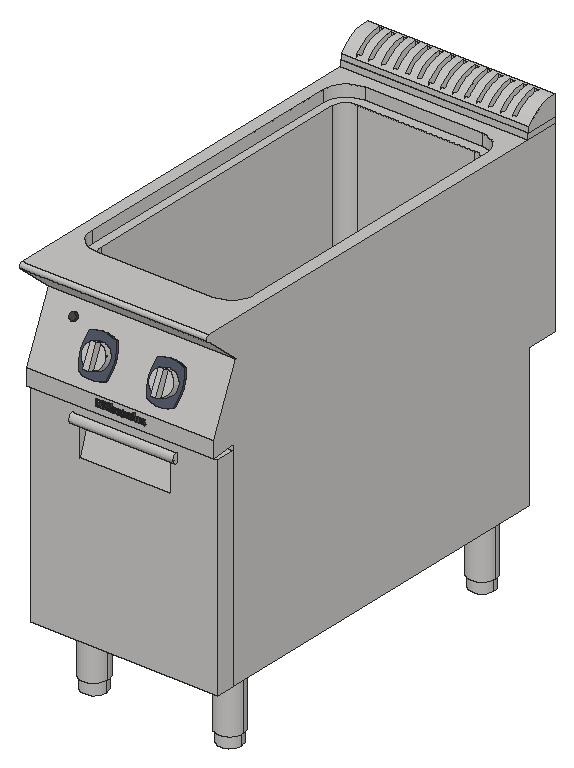
Revit family "QF_ELECTROLUXPROFESSIONAL_391624_E9OOCTBAMCI", category Attrezzature speciali, Revit 2018
Family settings
  Quota connettore circolare = Usa diametro
  Tipo di parte = Normale
  Basato su piano di lavoro = No
  Sempre verticale = Sì
  Taglio con vuoti quando caricato = No
  Condiviso = No
  Punto di calcolo locali = No
Parameters (values of type "Standard")
  Weight = 62.00 kg
  Watts = 0 W
  Volts = 0 V
  URL Manufacturer = "https://www.electroluxprofessional.com/"
  URL = "https://www.electroluxprofessional.com/"
  Steam Supply Size = 0"
  Steam Supply Minimum Pressure = 0.00 psi
  Steam Supply Maximum Pressure = 0.00 psi
  Steam Consumption per Hour = 0
  Show Logo [instance] = yes
  Show Clearance [instance] = yes
  Refrigeration Suction Line Size = 0 mm
  Refrigeration Liquid Line Size = 0 mm
  Refrigerant Compressor Remote = yes
  Phase = 0
  Modello = "E9OOCTBAMCI"
  Produttore = "Electrolux Professional"
  Length Actual = 400 mm  # constant formula
  Item Number = "391624"
  Hot Water Size = 0"
  Height Actual = 850 mm  # constant formula
  HP = "0 HP"
  Gas Size = 1/2"
  Gas KW = 16.5
  Gas Input Pressure = 0.551577 Btu/h
  Direct Waste Size = 1"
  Descrizione = "GAS PASTA COOKER 1X40 LT WELL - QMARK"
  Depth Actual = 930 mm  # constant formula
  Cycle = 0 Hz
  Condensate Return Size = 0"
  Compressed Air Volume = 0 GPM
  Compressed Air Size = 0"
  Compressed Air Pressure = 0.00 psi
  Cold Water Size = 3/4"
  Base Height [instance] = 150 mm  # constant formula
  Accessory = yes
Values of the unnamed type that differ from the named types
  Weight = 0.00 kg
  URL Manufacturer = ""
  Item Number = ""
  HP = ""
  Gas KW = 0
  Gas Input Pressure = 0.0 Btu/h
Reference planes
  plane 1 "BACK": y = 0
  plane 2: z = 0
  plane 3 "LEFT": x = 0
  plane 4 "RIGHT": x = 400
  plane 5 "FRONT": y = -930
  plane 6 "TOP": z = 908
  plane 7 "Center Y": x = 200
  plane 8 "Center X": y = -465
  plane 9 "BASE": z = 601.763
  plane 10 "TOP A": z = 851
  plane 11: z = 150
  plane 12: y = -126
  plane 13: y = -800
  plane 14: y = -1273
  plane 15: x = 345
  plane 16: x = 55
  plane 17: y = -1273
  plane 18: x = 65
  plane 19: x = 232
  plane 20: x = 334.782
Forms (mm)
  Extrusion 1, solid, material "QF_Finishes_Stainless Steel"
    sketch origin (0, 0, 0) x (0, 1, 0) y (0, 0, 1)
      loop
        line (0, 851) -> (-923.65, 851)
        arc (-923.65, 851) -> (-929.517, 847.08) -> (-928.14, 840.16) r 6.35
        line (-928.14, 840.16) -> (-852.034, 773.495) -> (-912.145, 642.892) -> (-912.145, 608.853) -> (-858.773, 614.463) -> (-858.773, 150) -> (-70, 150) -> (-70, 451.763) -> (0, 451.763) -> (0, 851)
      loop
        line (-900, 601.763) -> (-900, 150) -> (-860.361, 150) -> (-860.361, 601.763) -> (-900, 601.763)
    from 0 to 400
  Extrusion 2, void
    sketch origin (0, 0, 851) x (-1, 0, 0) y (0, -1, 0)
      loop
        arc (-75, 101.89) -> (-39.645, 116.535) -> (-25, 151.89) r 50
        line (-25, 151.89) -> (-25, 770)
        arc (-25, 770) -> (-39.645, 805.355) -> (-75, 820) r 50
        line (-75, 820) -> (-325, 820)
        arc (-325, 820) -> (-360.355, 805.355) -> (-375, 770) r 50
        line (-375, 770) -> (-375, 151.89)
        arc (-375, 151.89) -> (-360.355, 116.535) -> (-325, 101.89) r 50
        line (-325, 101.89) -> (-75, 101.89)
    from 0 to -25
  Extrusion 3, solid, material "QF_Clearances", visible <- "Show Clearance", detail levels coarse
    sketch origin (0, 0, 0) x (1, 0, 0) y (0, 1, 0)
      loop
        line (0, -930) -> (0, 0) -> (400, 0) -> (400, -930) -> (550.019, -930) -> (550.019, 150.019) -> (-150.019, 150.019) -> (-150.019, -930) -> (0, -930)
    from 0 to 908
  Revolve 4, solid, material "QF_Finishes_Stainless Steel"
    sketch origin (0, -126, 608.09) x (0, 0, 1) y (-1, 0, 0)
      loop
        line (-608.09, -55) -> (-458.09, -55) -> (-458.09, -26) -> (-583.09, -26) -> (-583.09, -28.75) -> (-608.09, -28.75) -> (-608.09, -55)
      axis (-608.09, -55) -> (-458.09, -55)
    angle from 0 to 360
  Revolve 5, solid, material "QF_Finishes_Stainless Steel"
    sketch origin (400.05, -126, 608.09) x (0, 0, 1) y (-1, 0, 0)
      loop
        line (-608.09, 55.05) -> (-608.09, 29.8) -> (-583.09, 29.8) -> (-583.09, 26.05) -> (-458.09, 26.05) -> (-458.09, 55.05) -> (-608.09, 55.05)
      axis (-608.09, 55.05) -> (-458.09, 55.05)
    angle from 0 to 360
  Extrusion 6, solid, material "QF_Door-Drawer Clearances", visible <- "Show Clearance", detail levels coarse
    sketch origin (0, 0, 851) x (-1, 0, 0) y (0, -1, 0)
      loop
        line (-400, 1273) -> (-400, 900) -> (-0.912, 900)
        arc (-0.912, 900) -> (-126.87, 1165.233) -> (-400, 1273) r 400
    from -701 to -249.237
  Revolve 7, solid, material "QF_Finishes_Stainless Steel"
    sketch origin (400.05, -800, 608.09) x (0, 0, 1) y (-1, 0, 0)
      loop
        line (-608.09, 55.05) -> (-608.09, 29.8) -> (-583.09, 29.8) -> (-583.09, 26.05) -> (-458.09, 26.05) -> (-458.09, 55.05) -> (-608.09, 55.05)
      axis (-608.09, 55.05) -> (-458.09, 55.05)
    angle from 0 to 360
  Extrusion 8, solid, material "QF_Finishes_Stainless Steel"
    sketch origin (200, 0, 0) x (0, 1, 0) y (0, 0, 1)
      loop
        line (-71.89, 863.9) -> (-71.89, 851) -> (0, 851) -> (0, 863.9) -> (-71.89, 863.9)
    from -200 to 200
  Extrusion 9, void
    sketch origin (200, -12.863, 0) x (0, 1, 0) y (0, 0, 1)
      loop
        line (-887.138, 564.263) -> (-887.138, 500.55) -> (-863.948, 564.263) -> (-887.138, 564.263)
    from -96.424 to 99.144
  Extrusion 10, solid, material "QF_Finishes_Stainless Steel"
    sketch origin (200, -12.863, 22.5) x (0, 1, 0) y (0, 0, 1)
      loop
        line (-887.137, 541.763) -> (-887.137, 561.763)
        arc (-887.137, 561.763) -> (-897.137, 551.763) -> (-887.137, 541.763) r 10
    from -110.529 to 112.106
  Revolve 11, solid, material "QF_Finishes_Stainless Steel"
    sketch origin (0, -800, 608.09) x (0, 0, 1) y (1, 0, 0)
      loop
        line (-608.09, 55) -> (-608.09, 28.75) -> (-583.09, 28.75) -> (-583.09, 26) -> (-458.09, 26) -> (-458.09, 55) -> (-608.09, 55)
      axis (-608.09, 55) -> (-458.09, 55)
    angle from 0 to 360
  Extrusion 12, solid, material "QF_Finishes_Stainless Steel"
    sketch origin (0, 0, 574.263) x (0, 1, 0) y (0, 0, 1)
      loop
        line (0, 289.638) -> (0, 333.737)
        arc (0, 333.737) -> (-39.336, 326.03) -> (-69.85, 300.038) r 79.141
        line (-69.85, 300.038) -> (-69.85, 289.638) -> (0, 289.638)
    from 0 to 400
  Extrusion 13, void
    sketch origin (0, 0, 848.9) x (0, -1, 0) y (1, 0, 0)
      loop
        line (6.761, 28.703) -> (63.911, 28.703) -> (63.911, 37.999) -> (6.761, 37.999) -> (6.761, 28.703)
      loop
        line (63.911, 63.487) -> (6.761, 63.487) -> (6.761, 54.191) -> (63.911, 54.191) -> (63.911, 63.487)
      loop
        line (63.911, 89.975) -> (6.761, 89.975) -> (6.761, 80.68) -> (63.911, 80.68) -> (63.911, 89.975)
      loop
        line (63.911, 115.464) -> (6.761, 115.464) -> (6.761, 106.168) -> (63.911, 106.168) -> (63.911, 115.464)
      loop
        line (63.911, 140.952) -> (6.761, 140.952) -> (6.761, 131.656) -> (63.911, 131.656) -> (63.911, 140.952)
      loop
        line (63.911, 166.44) -> (6.761, 166.44) -> (6.761, 157.145) -> (63.911, 157.145) -> (63.911, 166.44)
      loop
        line (63.911, 191.929) -> (6.761, 191.929) -> (6.761, 182.633) -> (63.911, 182.633) -> (63.911, 191.929)
      loop
        line (63.911, 217.417) -> (6.761, 217.417) -> (6.761, 208.121) -> (63.911, 208.121) -> (63.911, 217.417)
      loop
        line (63.911, 242.905) -> (6.761, 242.905) -> (6.761, 233.61) -> (63.911, 233.61) -> (63.911, 242.905)
      loop
        line (63.911, 268.394) -> (6.761, 268.394) -> (6.761, 259.098) -> (63.911, 259.098) -> (63.911, 268.394)
      loop
        line (63.911, 293.882) -> (6.761, 293.882) -> (6.761, 284.586) -> (63.911, 284.586) -> (63.911, 293.882)
      loop
        line (63.911, 319.37) -> (6.761, 319.37) -> (6.761, 310.075) -> (63.911, 310.075) -> (63.911, 319.37)
      loop
        line (63.911, 345.859) -> (6.761, 345.859) -> (6.761, 336.563) -> (63.911, 336.563) -> (63.911, 345.859)
      loop
        line (63.911, 370.347) -> (6.761, 370.347) -> (6.761, 361.051) -> (63.911, 361.051) -> (63.911, 370.347)
    from 25.4 to 63.5
  Extrusion 14, solid, material "QF_Finishes_Navy Blue", visible <- "Show Logo"
    sketch origin (0, -912.145, 608.853) x (0, 0, 1) y (-1, 0, 0)
      loop
        line (27.359, -159.055) -> (14.993, -159.055)
        arc (14.993, -159.055) -> (21.176, -163.626) -> (27.359, -159.055) r 6.467
      loop
        arc (27.359, -158.426) -> (26.19, -153.283) -> (21.534, -150.805) r 6.338
        line (21.534, -150.805) -> (21.534, -152.851)
        arc (21.534, -152.851) -> (23.018, -156.506) -> (26.464, -158.426) r 5.941
        line (26.464, -158.426) -> (27.359, -158.426)
      loop
        arc (15.888, -158.426) -> (19.334, -156.506) -> (20.817, -152.851) r 5.941
        line (20.817, -152.851) -> (20.817, -150.805)
        arc (20.817, -150.805) -> (16.123, -153.279) -> (14.834, -158.426) r 6.504
        line (14.834, -158.426) -> (15.888, -158.426)
      loop
        line (28.034, -150.336) -> (14.29, -150.336) -> (14.29, -164.099) -> (28.034, -164.099) -> (28.034, -150.336)
      loop
        arc (28.118, -167.066) -> (27.77, -166.709) -> (27.403, -167.047) r 0.358
        arc (27.403, -167.047) -> (27.089, -167.797) -> (26.372, -168.182) r 1.216
        line (26.372, -168.182) -> (15.959, -168.182)
        arc (15.959, -168.182) -> (15.299, -167.904) -> (14.903, -167.308) r 1.238
        arc (14.903, -167.308) -> (14.509, -167.057) -> (14.203, -167.411) r 0.358
        line (14.203, -167.411) -> (14.203, -177.29) -> (16.954, -177.29) -> (16.954, -176.393)
        arc (16.954, -176.393) -> (16.045, -175.813) -> (15.589, -174.836) r 1.928
        line (15.589, -174.836) -> (15.589, -172.337)
        arc (15.589, -172.337) -> (15.865, -171.608) -> (16.553, -171.244) r 1.101
        line (16.553, -171.244) -> (20.64, -171.244) -> (20.64, -174.917)
        arc (20.64, -174.917) -> (20.287, -175.414) -> (19.722, -175.642) r 1.083
        arc (19.722, -175.642) -> (19.459, -175.948) -> (19.751, -176.226) r 0.292
        line (19.751, -176.226) -> (22.713, -176.226)
        arc (22.713, -176.226) -> (23.016, -175.953) -> (22.777, -175.623) r 0.305
        arc (22.777, -175.623) -> (22.286, -175.375) -> (21.981, -174.917) r 1.083
        line (21.981, -174.917) -> (21.981, -171.244) -> (26.659, -171.244) -> (26.659, -174.991)
        arc (26.659, -174.991) -> (26.444, -175.747) -> (25.838, -176.245) r 1.314
        arc (25.838, -176.245) -> (25.619, -176.649) -> (25.973, -176.941) r 0.361
        line (25.973, -176.941) -> (28.118, -176.941) -> (28.118, -167.066)
      loop
        arc (27.4, -177.722) -> (27.02, -178.641) -> (26.101, -179.021) r 1.299
        line (26.101, -179.021) -> (16.522, -179.021)
        arc (16.522, -179.021) -> (15.684, -178.643) -> (15.413, -177.765) r 1.118
        line (15.413, -177.765) -> (14.203, -177.765) -> (14.203, -183.115) -> (15.391, -183.115)
        arc (15.391, -183.115) -> (15.663, -182.198) -> (16.533, -181.802) r 1.153
        line (16.533, -181.802) -> (28.605, -181.802) -> (27.4, -177.722)
      loop
        line (19.168, -185.751) -> (19.168, -192.198) -> (19.967, -192.198)
        arc (19.967, -192.198) -> (22.547, -191.214) -> (23.816, -188.76) r 3.874
        line (23.816, -188.76) -> (23.816, -187)
        arc (23.816, -187) -> (22.629, -184.135) -> (19.765, -182.949) r 4.051
        line (19.765, -182.949) -> (17.757, -182.949)
        arc (17.757, -182.949) -> (14.938, -184.434) -> (13.887, -187.441) r 4.352
        arc (13.887, -187.441) -> (14.251, -189.904) -> (15.629, -191.978) r 5.713
        line (15.629, -191.978) -> (16.578, -191.978)
        arc (16.578, -191.978) -> (15.845, -190.409) -> (15.629, -188.691) r 5.579
        arc (15.629, -188.691) -> (16.422, -186.728) -> (18.301, -185.751) r 3.057
        line (18.301, -185.751) -> (19.168, -185.751)
      loop
        line (20.427, -185.751) -> (20.427, -189.333)
        arc (20.427, -189.333) -> (21.884, -189.38) -> (22.767, -188.221) r 1.59
        line (22.767, -188.221) -> (22.767, -187.391)
        arc (22.767, -187.391) -> (21.902, -186.136) -> (20.427, -185.751) r 2.184
      loop
        arc (23.218, -201.616) -> (23.707, -199.942) -> (23.864, -198.205) r 9.023
        line (23.864, -198.205) -> (23.864, -196.843)
        arc (23.864, -196.843) -> (22.705, -194.043) -> (19.905, -192.883) r 3.959
        line (19.905, -192.883) -> (17.305, -192.883)
        arc (17.305, -192.883) -> (15.023, -194.176) -> (13.906, -196.549) r 4.331
        line (13.906, -196.549) -> (13.906, -198.684)
        arc (13.906, -198.684) -> (14.414, -200.234) -> (15.336, -201.58) r 5.772
        arc (15.336, -201.58) -> (16.098, -201.631) -> (16.184, -200.872) r 0.553
        arc (16.184, -200.872) -> (15.796, -200.138) -> (15.662, -199.319) r 2.573
        line (15.662, -199.319) -> (15.662, -197.804)
        arc (15.662, -197.804) -> (16.668, -196.162) -> (18.483, -195.52) r 2.884
        line (18.483, -195.52) -> (19.762, -195.52)
        arc (19.762, -195.52) -> (21.583, -196.08) -> (22.509, -197.745) r 2.554
        line (22.509, -197.745) -> (22.509, -198.798)
        arc (22.509, -198.798) -> (22.178, -199.726) -> (21.521, -200.461) r 2.564
        arc (21.521, -200.461) -> (21.299, -201.178) -> (21.909, -201.616) r 0.643
        line (21.909, -201.616) -> (23.218, -201.616)
      loop
        line (22.2, -201.886) -> (22.2, -203.387) -> (16.152, -203.387)
        arc (16.152, -203.387) -> (14.564, -204.045) -> (13.906, -205.633) r 2.246
        line (13.906, -205.633) -> (13.906, -207.217)
        arc (13.906, -207.217) -> (14.22, -208.081) -> (14.72, -208.853) r 4.06
        arc (14.72, -208.853) -> (15.453, -208.986) -> (15.704, -208.285) r 0.576
        arc (15.704, -208.285) -> (15.598, -207.759) -> (15.662, -207.227) r 1.69
        arc (15.662, -207.227) -> (16.204, -206.439) -> (17.11, -206.136) r 1.506
        line (17.11, -206.136) -> (22.248, -206.136) -> (22.248, -208.533) -> (22.805, -209.089) -> (23.626, -209.089) -> (23.626, -206.23) -> (26.857, -206.23) -> (22.2, -201.886)
      loop
        line (14.124, -209.987) -> (14.124, -215.374) -> (15.234, -215.374)
        arc (15.234, -215.374) -> (15.627, -214.423) -> (16.578, -214.029) r 1.345
        line (16.578, -214.029) -> (20.195, -214.029)
        arc (20.195, -214.029) -> (20.959, -214.621) -> (21.249, -215.543) r 1.615
        line (21.249, -215.543) -> (21.249, -217.099) -> (23.805, -217.784) -> (23.805, -216.401) -> (21.862, -213.842) -> (23.742, -213.842) -> (23.458, -211.136)
        arc (23.458, -211.136) -> (23.018, -210.606) -> (22.359, -210.807) r 0.621
        arc (22.359, -210.807) -> (21.959, -211.149) -> (21.465, -211.332) r 1.501
        line (21.465, -211.332) -> (16.578, -211.332)
        arc (16.578, -211.332) -> (15.627, -210.938) -> (15.234, -209.987) r 1.345
        line (15.234, -209.987) -> (14.124, -209.987)
      loop
        line (20.225, -217.321) -> (17.533, -217.321)
        arc (17.533, -217.321) -> (15.088, -218.629) -> (13.954, -221.159) r 4.288
        arc (13.954, -221.159) -> (13.89, -222.54) -> (13.954, -223.92) r 15.022
        arc (13.954, -223.92) -> (15.088, -226.451) -> (17.533, -227.758) r 4.288
        line (17.533, -227.758) -> (20.225, -227.758)
        arc (20.225, -227.758) -> (22.671, -226.451) -> (23.805, -223.92) r 4.288
        arc (23.805, -223.92) -> (23.868, -222.54) -> (23.805, -221.159) r 15.022
        arc (23.805, -221.159) -> (22.671, -218.629) -> (20.225, -217.321) r 4.288
      loop
        line (20.43, -220.435) -> (17.328, -220.435)
        arc (17.328, -220.435) -> (15.171, -222.592) -> (17.328, -224.749) r 2.157
        line (17.328, -224.749) -> (20.43, -224.749)
        arc (20.43, -224.749) -> (22.587, -222.592) -> (20.43, -220.435) r 2.157
      loop
        arc (27.411, -227.616) -> (27.041, -228.51) -> (26.147, -228.881) r 1.264
        line (26.147, -228.881) -> (16.282, -228.881)
        arc (16.282, -228.881) -> (15.412, -228.484) -> (15.141, -227.568) r 1.153
        line (15.141, -227.568) -> (14.203, -227.568) -> (14.203, -232.676) -> (15.131, -232.676)
        arc (15.131, -232.676) -> (15.49, -231.904) -> (16.282, -231.589) r 1.153
        line (16.282, -231.589) -> (28.605, -231.589) -> (27.411, -227.616)
      loop
        arc (22.531, -232.213) -> (22.332, -233.278) -> (21.363, -233.76) r 1.215
        line (21.363, -233.76) -> (16.343, -233.76)
        arc (16.343, -233.76) -> (14.728, -234.407) -> (14.008, -235.99) r 2.338
        line (14.008, -235.99) -> (14.008, -237.505)
        arc (14.008, -237.505) -> (14.182, -238.509) -> (14.684, -239.395) r 2.979
        line (14.684, -239.395) -> (14.203, -241.192) -> (14.203, -242.88) -> (23.629, -242.88) -> (23.335, -238.677) -> (22.548, -238.677)
        arc (22.548, -238.677) -> (22.192, -239.513) -> (21.44, -240.022) r 1.605
        line (21.44, -240.022) -> (16.337, -240.022)
        arc (16.337, -240.022) -> (15.917, -239.085) -> (15.844, -238.061) r 2.94
        arc (15.844, -238.061) -> (16.405, -236.96) -> (17.558, -236.517) r 1.724
        line (17.558, -236.517) -> (23.755, -236.517) -> (22.531, -232.213)
      loop
        line (23.559, -243.734) -> (21.887, -245.78) -> (18.713, -248.086) -> (15.257, -244.974)
        arc (15.257, -244.974) -> (15.02, -244.58) -> (15.042, -244.121) r 0.789
        line (15.042, -244.121) -> (14.203, -244.121) -> (14.203, -247.666) -> (15.029, -247.666)
        arc (15.029, -247.666) -> (15.372, -247.304) -> (15.862, -247.396) r 0.52
        line (15.862, -247.396) -> (17.661, -248.867) -> (15.543, -250.242)
        arc (15.543, -250.242) -> (15.142, -249.932) -> (15.055, -249.433) r 0.7
        line (15.055, -249.433) -> (14.203, -249.433) -> (14.203, -255.36) -> (15.09, -255.36)
        arc (15.09, -255.36) -> (15.157, -254.701) -> (15.552, -254.17) r 1.247
        line (15.552, -254.17) -> (19.751, -250.889) -> (22.198, -252.942) -> (23.559, -254.684) -> (23.559, -250.96) -> (22.074, -251.383) -> (20.553, -250.106) -> (22.253, -248.916) -> (23.559, -249.692) -> (23.559, -243.734)
    from 0 to 1.644
  Extrusion 15, void
    sketch origin (0, 0, 791) x (0, 1, 0) y (-1, 0, 0)
      loop
        arc (-121.89, -75) -> (-130.677, -53.787) -> (-151.89, -45) r 30
        line (-151.89, -45) -> (-606.643, -45)
        arc (-606.643, -45) -> (-627.856, -53.787) -> (-636.643, -75) r 30
        line (-636.643, -75) -> (-636.643, -325)
        arc (-636.643, -325) -> (-627.856, -346.213) -> (-606.643, -355) r 30
        line (-606.643, -355) -> (-151.89, -355)
        arc (-151.89, -355) -> (-130.677, -346.213) -> (-121.89, -325) r 30
        line (-121.89, -325) -> (-121.89, -75)
    from 35 to -339.237
  Extrusion 16, void
    sketch origin (0, -1273.285, 791) x (0, 1, 0) y (-1, 0, 0)
      loop
        line (473.285, -75) -> (473.285, -325)
        arc (473.285, -325) -> (482.072, -346.213) -> (503.285, -355) r 30
        line (503.285, -355) -> (666.643, -355)
        arc (666.643, -355) -> (645.429, -346.213) -> (636.643, -325) r 30
        line (636.643, -325) -> (636.643, -75)
        arc (636.643, -75) -> (645.429, -53.787) -> (666.643, -45) r 30
        line (666.643, -45) -> (503.285, -45)
        arc (503.285, -45) -> (482.072, -53.787) -> (473.285, -75) r 30
    from 35 to -189.237
  Extrusion 17, solid, material "QF_Finishes_Stainless Steel"
    sketch origin (0, 0, 0) x (1, 0, 0) y (0, 1, 0)
      loop
        circle (232, -780) r 12.7
    from 176 to 292.788
  Extrusion 18, solid, material "QF_Finishes_Stainless Steel"
    sketch origin (-72.372, 89.372, 0) x (1, 0, 0) y (0, 1, 0)
      loop
        circle (137.372, -792.372) r 6.35
    from 190 to 292.788
  Extrusion 19, solid, material "QF_Finishes_Stainless Steel"
    sketch origin (152.628, 92.372, 0) x (1, 0, 0) y (0, 1, 0)
      loop
        circle (182.372, -792.372) r 9.525
    from 200 to 331.575
  Extrusion 20, solid, material "QF_Finishes_Navy Blue"
    sketch origin (-405.52, -913.486, 639.979) x (0, 0.418102, 0.9084) y (-1, 0, 0)
      loop
        arc (102.623, -510.47) -> (67.041, -502.846) -> (31.333, -509.853) r 90.5
        arc (31.333, -509.853) -> (24.507, -539.04) -> (31.333, -568.228) r 65.817
        arc (31.333, -568.228) -> (67.04, -575.188) -> (102.623, -567.615) r 91.066
        arc (102.623, -567.615) -> (109.179, -539.043) -> (102.623, -510.47) r 65.546
    from 0 to 3.175
  Extrusion 21, solid, material "QF_Finishes_Stainless Steel"
    sketch origin (-26.77, -917.2, 639.505) x (0, 0.418102, 0.9084) y (-1, 0, 0)
      loop
        circle (68.826, -160.963) r 25.4
    from 0 to 12.7
  Extrusion 22, solid, material "QF_Finishes_Stainless Steel"
    sketch origin (-26.77, -928.736, 644.814) x (0, 0.418102, 0.9084) y (-1, 0, 0)
      loop
        arc (93.558, -166.749) -> (94.226, -160.963) -> (93.558, -155.177) r 25.4
        line (93.558, -155.177) -> (44.094, -155.177)
        arc (44.094, -155.177) -> (43.426, -160.963) -> (44.094, -166.749) r 25.4
        line (44.094, -166.749) -> (93.558, -166.749)
    from 0 to 12.7
  Extrusion 23, solid, material "QF_Finishes_Navy Blue"
    sketch origin (-260.52, -913.486, 639.979) x (0, 0.418102, 0.9084) y (-1, 0, 0)
      loop
        arc (102.623, -510.47) -> (67.041, -502.846) -> (31.333, -509.853) r 90.5
        arc (31.333, -509.853) -> (24.507, -539.04) -> (31.333, -568.228) r 65.817
        arc (31.333, -568.228) -> (67.04, -575.188) -> (102.623, -567.615) r 91.066
        arc (102.623, -567.615) -> (109.179, -539.043) -> (102.623, -510.47) r 65.546
    from 0 to 3.175
  Extrusion 24, solid, material "QF_Finishes_Stainless Steel"
    sketch origin (118.23, -917.2, 639.505) x (0, 0.418102, 0.9084) y (-1, 0, 0)
      loop
        circle (68.826, -160.963) r 25.4
    from 0 to 12.7
  Extrusion 25, solid, material "QF_Finishes_Stainless Steel"
    sketch origin (118.23, -928.736, 644.814) x (0, 0.418102, 0.9084) y (-1, 0, 0)
      loop
        arc (93.558, -166.749) -> (94.226, -160.963) -> (93.558, -155.177) r 25.4
        line (93.558, -155.177) -> (44.094, -155.177)
        arc (44.094, -155.177) -> (43.426, -160.963) -> (44.094, -166.749) r 25.4
        line (44.094, -166.749) -> (93.558, -166.749)
    from 0 to 12.7
  Extrusion 26, solid, material "QF_Finishes_Black"
    sketch origin (-36.317, -915, 636.69) x (0, 0.418102, 0.9084) y (-1, 0, 0)
      loop
        circle (117.556, -101.317) r 7.5
    from 0 to 4
Cuts and joins
  Extrusion 2, Extrusion 9, Extrusion 15, Extrusion 16 cuts Extrusion 1
  Extrusion 13 cuts Extrusion 12
Lines and regions (mm)
  Split face 1
    outline origin (-405.52, -916.37, 641.306) x (0, 0.418102, 0.9084) y (-1, 0, 0)
      loop
        arc (67.041, -503.158) -> (48.669, -506.69) -> (35.363, -519.842) r 32.191
        line (35.363, -519.842) -> (45.047, -525.087)
        arc (45.047, -525.087) -> (54.648, -516.737) -> (67.041, -513.859) r 26.351
        line (67.041, -513.859) -> (67.041, -503.158)
  Split face 2
    outline origin (-405.52, -916.37, 641.306) x (0, 0.418102, 0.9084) y (-1, 0, 0)
      loop
        line (44.251, -526.293) -> (34.615, -521.075)
        arc (34.615, -521.075) -> (41.047, -560.592) -> (81.049, -562.261) r 31.684
        arc (81.049, -562.261) -> (48.21, -559.05) -> (44.251, -526.293) r 26.351
  Split face 3
    outline origin (-260.52, -916.37, 641.306) x (0, 0.418102, 0.9084) y (-1, 0, 0)
      loop
        arc (67.041, -503.158) -> (48.669, -506.69) -> (35.363, -519.842) r 32.191
        line (35.363, -519.842) -> (45.047, -525.087)
        arc (45.047, -525.087) -> (54.648, -516.737) -> (67.041, -513.859) r 26.351
        line (67.041, -513.859) -> (67.041, -503.158)
  Split face 4
    outline origin (-260.52, -916.37, 641.306) x (0, 0.418102, 0.9084) y (-1, 0, 0)
      loop
        line (44.251, -526.293) -> (34.615, -521.075)
        arc (34.615, -521.075) -> (41.047, -560.592) -> (81.049, -562.261) r 31.684
        arc (81.049, -562.261) -> (48.21, -559.05) -> (44.251, -526.293) r 26.351
  symbolic lines, style "QF_Clearances", visible <- "Show Clearance", detail levels coarse
    curve 1: line (-150.019, 150.019, 851) -> (-150.019, -930, 851)
    curve 2: line (550.019, 150.019, 851) -> (-150.019, 150.019, 851)
    curve 3: line (550.019, -930, 851) -> (550.019, 150.019, 851)
  symbolic lines
    curve 4: line (0, -930, 851) -> (0, 0, 851)
    curve 5: line (400, 0, 851) -> (400, -930, 851)
    curve 6: line (400, -930, 851) -> (0, -930, 851)
    curve 9: line (0, -71.89, 851) -> (400, -71.89, 851)
    curve 10: line (0, 0, 851) -> (400, 0, 851)
    curve 11: line (28.703, -6.761, 851) -> (37.999, -6.761, 851)
    curve 12: line (28.703, -63.911, 851) -> (28.703, -6.761, 851)
    curve 13: line (37.999, -63.911, 851) -> (28.703, -63.911, 851)
    curve 14: line (37.999, -6.761, 851) -> (37.999, -63.911, 851)
    curve 15: line (54.191, -6.761, 851) -> (63.487, -6.761, 851)
    curve 16: line (54.191, -63.911, 851) -> (54.191, -6.761, 851)
    curve 17: line (63.487, -63.911, 851) -> (54.191, -63.911, 851)
    curve 18: line (63.487, -6.761, 851) -> (63.487, -63.911, 851)
    curve 19: line (80.68, -6.761, 851) -> (89.975, -6.761, 851)
    curve 20: line (80.68, -63.911, 851) -> (80.68, -6.761, 851)
    curve 21: line (89.975, -63.911, 851) -> (80.68, -63.911, 851)
    curve 22: line (89.975, -6.761, 851) -> (89.975, -63.911, 851)
    curve 23: line (106.168, -6.761, 851) -> (115.464, -6.761, 851)
    curve 24: line (106.168, -63.911, 851) -> (106.168, -6.761, 851)
    curve 25: line (115.464, -63.911, 851) -> (106.168, -63.911, 851)
    curve 26: line (115.464, -6.761, 851) -> (115.464, -63.911, 851)
    curve 27: line (131.656, -6.761, 851) -> (140.952, -6.761, 851)
    curve 28: line (131.656, -63.911, 851) -> (131.656, -6.761, 851)
    curve 29: line (140.952, -63.911, 851) -> (131.656, -63.911, 851)
    curve 30: line (140.952, -6.761, 851) -> (140.952, -63.911, 851)
    curve 31: line (157.145, -6.761, 851) -> (166.44, -6.761, 851)
    curve 32: line (157.145, -63.911, 851) -> (157.145, -6.761, 851)
    curve 33: line (166.44, -63.911, 851) -> (157.145, -63.911, 851)
    curve 34: line (166.44, -6.761, 851) -> (166.44, -63.911, 851)
    curve 35: line (182.633, -6.761, 851) -> (191.929, -6.761, 851)
    curve 36: line (182.633, -63.911, 851) -> (182.633, -6.761, 851)
    curve 37: line (191.929, -63.911, 851) -> (182.633, -63.911, 851)
    curve 38: line (191.929, -6.761, 851) -> (191.929, -63.911, 851)
    curve 39: line (208.121, -6.761, 851) -> (218.417, -6.761, 851)
    curve 40: line (208.121, -63.911, 851) -> (208.121, -6.761, 851)
    curve 41: line (218.417, -63.911, 851) -> (208.121, -63.911, 851)
    curve 42: line (218.417, -6.761, 851) -> (218.417, -63.911, 851)
    curve 43: line (234.61, -6.761, 851) -> (243.905, -6.761, 851)
    curve 44: line (234.61, -63.911, 851) -> (234.61, -6.761, 851)
    curve 45: line (243.905, -63.911, 851) -> (234.61, -63.911, 851)
    curve 46: line (243.905, -6.761, 851) -> (243.905, -63.911, 851)
    curve 47: line (260.098, -6.761, 851) -> (269.394, -6.761, 851)
    curve 48: line (260.098, -63.911, 851) -> (260.098, -6.761, 851)
    curve 49: line (269.394, -63.911, 851) -> (260.098, -63.911, 851)
    curve 50: line (269.394, -6.761, 851) -> (269.394, -63.911, 851)
    curve 51: line (285.586, -6.761, 851) -> (294.882, -6.761, 851)
    curve 52: line (285.586, -63.911, 851) -> (285.586, -6.761, 851)
    curve 53: line (294.882, -63.911, 851) -> (285.586, -63.911, 851)
    curve 54: line (294.882, -6.761, 851) -> (294.882, -63.911, 851)
    curve 55: line (311.075, -6.761, 851) -> (320.37, -6.761, 851)
    curve 56: line (311.075, -63.911, 851) -> (311.075, -6.761, 851)
    curve 57: line (320.37, -63.911, 851) -> (311.075, -63.911, 851)
    curve 58: line (320.37, -6.761, 851) -> (320.37, -63.911, 851)
    curve 59: line (336.563, -6.761, 851) -> (345.859, -6.761, 851)
    curve 60: line (336.563, -63.911, 851) -> (336.563, -6.761, 851)
    curve 61: line (345.859, -63.911, 851) -> (336.563, -63.911, 851)
    curve 62: line (345.859, -6.761, 851) -> (345.859, -63.911, 851)
    curve 63: line (361.051, -6.761, 851) -> (370.347, -6.761, 851)
    curve 64: line (361.051, -63.911, 851) -> (361.051, -6.761, 851)
    curve 65: line (370.347, -63.911, 851) -> (361.051, -63.911, 851)
    curve 66: line (370.347, -6.761, 851) -> (370.347, -63.911, 851)
    curve 67: line (25, -770, 851) -> (25, -151.89, 851)
    curve 68: arc (25, -151.89, 851) -> (39.645, -116.535, 851) -> (75, -101.89, 851) r 50
    curve 69: line (75, -101.89, 851) -> (325, -101.89, 851)
    curve 70: arc (325, -101.89, 851) -> (360.355, -116.535, 851) -> (375, -151.89, 851) r 50
    curve 71: line (375, -151.89, 851) -> (375, -770, 851)
    curve 72: arc (375, -770, 851) -> (360.355, -805.355, 851) -> (325, -820, 851) r 50
    curve 73: line (325, -820, 851) -> (75, -820, 851)
    curve 74: arc (75, -820, 851) -> (39.645, -805.355, 851) -> (25, -770, 851) r 50
    curve 75: line (75, -121.89, 851) -> (325, -121.89, 851)
    curve 76: arc (325, -121.89, 851) -> (346.213, -130.677, 851) -> (355, -151.89, 851) r 30
    curve 77: line (355, -151.89, 851) -> (355, -770, 851)
    curve 78: arc (355, -770, 851) -> (346.213, -791.213, 851) -> (325, -800, 851) r 30
    curve 79: line (325, -800, 851) -> (75, -800, 851)
    curve 80: arc (75, -800, 851) -> (53.787, -791.213, 851) -> (45, -770, 851) r 30
    curve 81: line (45, -770, 851) -> (45, -151.89, 851)
    curve 82: arc (45, -151.89, 851) -> (53.787, -130.677, 851) -> (75, -121.89, 851) r 30
    curve 83: line (75, -636.643, 851) -> (325, -636.643, 851)
    curve 84: arc (45, -606.643, 851) -> (53.787, -627.856, 851) -> (75, -636.643, 851) r 30
    curve 85: arc (325, -636.643, 851) -> (346.213, -627.856, 851) -> (355, -606.643, 851) r 30
    curve 86: line (65, -606.643, 851) -> (65, -151.89, 851)
    curve 87: line (75, -616.643, 851) -> (325, -616.643, 851)
    curve 88: arc (65, -606.643, 851) -> (67.929, -613.714, 851) -> (75, -616.643, 851) r 10
    curve 89: arc (325, -616.643, 851) -> (332.071, -613.714, 851) -> (335, -606.643, 851) r 10
    curve 90: line (335, -151.89, 851) -> (335, -606.643, 851)
    curve 91: arc (325, -141.89, 851) -> (332.071, -144.819, 851) -> (335, -151.89, 851) r 10
    curve 92: line (75, -141.89, 851) -> (325, -141.89, 851)
    curve 93: arc (65, -151.89, 851) -> (67.929, -144.819, 851) -> (75, -141.89, 851) r 10
  symbolic lines, style "QF_Door-Drawer Clearances"
    curve 7: arc (4.082, -930, 851) -> (23.737, -1008.742, 851) -> (58.881, -1081.897, 851) r 400
    curve 8: line (58.881, -1081.897, 851) -> (326.76, -930, 851)
Dimensions and locks
  equal spacing: plane 3 "LEFT", plane 7 "Center Y", plane 4 "RIGHT"
  plane 3 "LEFT" to plane 4 "RIGHT" = 400 mm
  equal spacing: plane 5 "FRONT", plane 8 "Center X", plane 1 "BACK"
  plane 5 "FRONT" to plane 1 "BACK" = 930 mm  (x2)
  plane 1 "BACK" to plane 5 "FRONT" = 930 mm
  "Base Height": plane 11 to level
  plane 1 "BACK" to plane 12 = 126 mm
  plane 12 to plane 13 to cut or joined group of Extrusion 1, Extrusion 2, Extrusion 9, Extrusion 15, Extrusion 16 = 674 mm, 100 mm
  locked: plane 14 to plane 5 "FRONT" at 343
  plane 4 "RIGHT" to plane 15 = 55 mm
  plane 16 to plane 3 "LEFT" = 55 mm
  plane 4 "RIGHT" to plane 3 "LEFT" = 400 mm
  plane 5 "FRONT" to plane 17 = 343 mm
  plane 1 "BACK" to curve 2 = 150.019 mm
  plane 4 "RIGHT" to curve 3 = 150.019 mm
  curve 1 to plane 3 "LEFT" = 150.019 mm
  plane 10 "TOP A" to level = 851 mm
  plane 10 "TOP A" to plane 11 = 701 mm
  plane 10 "TOP A" to plane 11 to level = 701 mm, 150 mm
  plane 6 "TOP" to level = 908 mm
  plane 15 to plane 16 = 290 mm
  plane 3 "LEFT" to Extrusion 17 sketch curve = 232 mm
  Extrusion 17 sketch curve to plane 1 "BACK" = 780 mm
  cut or joined group of Extrusion 1, Extrusion 2, Extrusion 9, Extrusion 15, Extrusion 16 to Extrusion 17 = 26 mm
  plane 3 "LEFT" to Extrusion 18 sketch curve = 65 mm
  Extrusion 18 sketch curve to plane 1 "BACK" = 703 mm
  cut or joined group of Extrusion 1, Extrusion 2, Extrusion 9, Extrusion 15, Extrusion 16 to Extrusion 18 = 40 mm
  Extrusion 18 to plane 1 "BACK" = 703 mm
  Extrusion 17 to plane 1 "BACK" = 780 mm
  plane 3 "LEFT" to plane 18 = 65 mm
  plane 3 "LEFT" to plane 19 = 232 mm
  plane 20 to plane 4 "RIGHT" = 65.218 mm
  Extrusion 19 to plane 1 "BACK" = 700 mm
  cut or joined group of Extrusion 1, Extrusion 2, Extrusion 9, Extrusion 15, Extrusion 16 to Extrusion 19 = 50 mm
  plane 1 "BACK" to Extrusion 19 = 700 mm
  plane 1 "BACK" to Extrusion 18 = 703 mm
  plane 1 "BACK" to Extrusion 17 = 780 mm
  aligned and locked: level to plane 2
  aligned and locked: plane 4 "RIGHT" to Extrusion 1
  aligned and locked: plane 6 "TOP" to Extrusion 3
  aligned and locked: plane 13 to Revolve 7
  aligned and locked: plane 12 to Revolve 4
  aligned and locked: plane 12 to Revolve 5
  aligned and locked: plane 4 "RIGHT" to Extrusion 8
  aligned and locked: plane 14 to Extrusion 6 sketch curve
  aligned and locked: plane 13 to Revolve 11
Automatic sketch dimensions
  Extrusion 1 sketch curve to plane 10 "TOP A" = 0 mm
  Extrusion 1 sketch curve to plane 9 "BASE" = 0 mm
  Extrusion 1 sketch curve to plane 11 = 0 mm  (x2)
  Extrusion 1 sketch curve to plane 1 "BACK" = 0 mm
  Extrusion 1 sketch curve to plane 12 = 56 mm
  plane 13 to Extrusion 1 sketch curve = 52.034 mm
  plane 13 to Extrusion 1 sketch curve = 58.773 mm
  Extrusion 1 sketch curve to Extrusion 1 sketch curve = 1.588 mm
  Extrusion 1 sketch curve to plane 5 "FRONT" = 30 mm
  plane 9 "BASE" to Extrusion 1 sketch curve = 7.09 mm
  Extrusion 1 sketch curve to Extrusion 1 sketch curve = 12.145 mm
  Extrusion 1 sketch curve to plane 5 "FRONT" = 6.35 mm
  Extrusion 1 sketch curve to plane 5 "FRONT" = 1.86 mm
  Extrusion 1 sketch curve to plane 9 "BASE" = 150 mm
  plane 9 "BASE" to Extrusion 1 sketch curve = 12.7 mm
  Extrusion 1 sketch curve to Extrusion 1 sketch curve = 34.039 mm
  Extrusion 1 sketch curve to plane 10 "TOP A" = 77.505 mm
  Extrusion 1 sketch curve to plane 10 "TOP A" = 10.84 mm
  Extrusion 2 sketch curve to plane 4 "RIGHT" = 25 mm
  plane 20 to Extrusion 2 sketch curve = 9.782 mm  (x2)
  Extrusion 2 sketch curve to plane 18 = 10 mm  (x2)
  plane 3 "LEFT" to Extrusion 2 sketch curve = 25 mm
  Extrusion 2 sketch curve to plane 12 = 24.11 mm
  Extrusion 2 sketch curve to plane 13 = 30 mm
  plane 5 "FRONT" to Extrusion 3 sketch curve = 0 mm  (x2)
  plane 1 "BACK" to Extrusion 3 sketch curve = 0 mm
  Extrusion 3 sketch curve to plane 3 "LEFT" = 0 mm
  Extrusion 3 sketch curve to plane 4 "RIGHT" = 0 mm
  Extrusion 3 sketch curve to plane 3 "LEFT" = 150.019 mm
  plane 4 "RIGHT" to Extrusion 3 sketch curve = 150.019 mm
  Extrusion 3 sketch curve to plane 1 "BACK" = 150.019 mm
  Revolve 4 sketch curve to level = 0 mm
  Revolve 4 sketch curve to plane 11 = 0 mm  (x2)
  Revolve 4 sketch curve to plane 16 = 0 mm  (x2)
  level to Revolve 4 sketch curve = 25 mm
  plane 11 to Revolve 4 sketch curve = 20 mm
  Revolve 4 sketch curve to plane 16 = 26.25 mm
  plane 3 "LEFT" to Revolve 4 sketch curve = 26 mm
  Revolve 5 sketch curve to level = 0 mm
  Revolve 5 sketch curve to plane 11 = 0 mm  (x2)
  Revolve 5 sketch curve to plane 15 = 0 mm  (x2)
  level to Revolve 5 sketch curve = 25 mm
  plane 11 to Revolve 5 sketch curve = 20 mm
  plane 15 to Revolve 5 sketch curve = 25.25 mm
  Revolve 5 sketch curve to plane 4 "RIGHT" = 26 mm
  Extrusion 6 sketch curve to plane 4 "RIGHT" = 0 mm
  plane 3 "LEFT" to Extrusion 6 sketch curve = 0.912 mm
  Extrusion 6 sketch curve to plane 5 "FRONT" = 30 mm
  Revolve 7 sketch curve to level = 0 mm
  Revolve 7 sketch curve to plane 11 = 0 mm  (x2)
  Revolve 7 sketch curve to plane 15 = 0 mm  (x2)
  level to Revolve 7 sketch curve = 25 mm
  plane 11 to Revolve 7 sketch curve = 20 mm
  plane 15 to Revolve 7 sketch curve = 25.25 mm
  Revolve 7 sketch curve to plane 4 "RIGHT" = 26 mm
  Extrusion 8 sketch curve to plane 10 "TOP A" = 0 mm
  Extrusion 8 sketch curve to plane 1 "BACK" = 0 mm
  plane 10 "TOP A" to Extrusion 8 sketch curve = 12.9 mm
  Extrusion 8 sketch curve to plane 12 = 54.11 mm
  Extrusion 9 sketch curve to plane 5 "FRONT" = 30 mm
  Extrusion 9 sketch curve to Extrusion 9 sketch curve = 23.189 mm
  Extrusion 9 sketch curve to plane 9 "BASE" = 101.212 mm
  Extrusion 9 sketch curve to plane 9 "BASE" = 37.5 mm
  Extrusion 10 sketch curve to plane 5 "FRONT" = 30 mm
  Extrusion 10 sketch curve to plane 9 "BASE" = 37.5 mm
  Extrusion 10 sketch curve to Extrusion 10 sketch curve = 10 mm
  Revolve 11 sketch curve to level = 0 mm
  Revolve 11 sketch curve to plane 11 = 0 mm  (x2)
  Revolve 11 sketch curve to plane 16 = 0 mm  (x2)
  level to Revolve 11 sketch curve = 25 mm
  plane 11 to Revolve 11 sketch curve = 20 mm
  Revolve 11 sketch curve to plane 16 = 26.25 mm
  plane 3 "LEFT" to Revolve 11 sketch curve = 26 mm
  Extrusion 12 sketch curve to plane 1 "BACK" = 0 mm
  Extrusion 12 sketch curve to plane 6 "TOP" = 0 mm
  plane 1 "BACK" to Extrusion 12 sketch curve = 4.947 mm
  plane 10 "TOP A" to Extrusion 12 sketch curve = 23.3 mm
  plane 1 "BACK" to Extrusion 12 sketch curve = 69.85 mm
  plane 10 "TOP A" to Extrusion 12 sketch curve = 12.9 mm
  plane 1 "BACK" to Extrusion 13 sketch curve = 6.761 mm  (x14)
  Extrusion 13 sketch curve to plane 20 = 1.781 mm
  plane 18 to Extrusion 13 sketch curve = 1.513 mm
  Extrusion 13 sketch curve to plane 19 = 1.61 mm
  plane 19 to Extrusion 13 sketch curve = 14.583 mm
  Extrusion 13 sketch curve to Extrusion 13 sketch curve = 57.15 mm
  Extrusion 13 sketch curve to plane 7 "Center Y" = 8.071 mm
  Extrusion 13 sketch curve to Extrusion 13 sketch curve = 0 mm  (x13)
  Extrusion 13 sketch curve to plane 19 = 10.905 mm
  plane 15 to Extrusion 13 sketch curve = 0.859 mm
  Extrusion 13 sketch curve to plane 16 = 0.809 mm
  Extrusion 13 sketch curve to Extrusion 13 sketch curve = 16.193 mm  (x7)
  Extrusion 13 sketch curve to Extrusion 13 sketch curve = 9.296 mm  (x10)
  Extrusion 13 sketch curve to plane 18 = 15.68 mm
  plane 7 "Center Y" to Extrusion 13 sketch curve = 8.121 mm
  Extrusion 13 sketch curve to Extrusion 13 sketch curve = 15.193 mm
  plane 19 to Extrusion 14 sketch curve = 9.46 mm
  plane 9 "BASE" to Extrusion 14 sketch curve = 15.936 mm
  plane 9 "BASE" to Extrusion 14 sketch curve = 20.977 mm
  plane 7 "Center Y" to Extrusion 14 sketch curve = 7.217 mm
  Extrusion 14 sketch curve to Extrusion 14 sketch curve = 5.06 mm
  Extrusion 14 sketch curve to plane 7 "Center Y" = 3.451 mm
  Extrusion 14 sketch curve to Extrusion 14 sketch curve = 0 mm  (x28)
  Extrusion 14 sketch curve to Extrusion 14 sketch curve = 5.108 mm  (x2)
  Extrusion 14 sketch curve to plane 19 = 5.505 mm
  Extrusion 14 sketch curve to Extrusion 14 sketch curve = 0.054 mm
  Extrusion 14 sketch curve to Extrusion 14 sketch curve = 0.218 mm
  Extrusion 14 sketch curve to Extrusion 14 sketch curve = 0.195 mm
  Extrusion 14 sketch curve to Extrusion 14 sketch curve = 0.249 mm
  Extrusion 14 sketch curve to Extrusion 14 sketch curve = 0.316 mm
  Extrusion 14 sketch curve to Extrusion 14 sketch curve = 0.087 mm
  Extrusion 14 sketch curve to Extrusion 14 sketch curve = 0.358 mm
  Extrusion 14 sketch curve to Extrusion 14 sketch curve = 0.481 mm
  Extrusion 14 sketch curve to Extrusion 14 sketch curve = 0.597 mm
  Extrusion 14 sketch curve to Extrusion 14 sketch curve = 0.544 mm
  Extrusion 14 sketch curve to Extrusion 14 sketch curve = 0.936 mm
  Extrusion 14 sketch curve to Extrusion 14 sketch curve = 0.594 mm
  Extrusion 14 sketch curve to Extrusion 14 sketch curve = 0.343 mm
  Extrusion 14 sketch curve to Extrusion 14 sketch curve = 0.159 mm
  Extrusion 14 sketch curve to Extrusion 14 sketch curve = 0.826 mm
  Extrusion 14 sketch curve to Extrusion 14 sketch curve = 0.839 mm
  Extrusion 14 sketch curve to Extrusion 14 sketch curve = 0.852 mm
  Extrusion 14 sketch curve to Extrusion 14 sketch curve = 0.887 mm
  Extrusion 14 sketch curve to Extrusion 14 sketch curve = 0.928 mm
  Extrusion 14 sketch curve to Extrusion 14 sketch curve = 0.938 mm
  Extrusion 14 sketch curve to Extrusion 14 sketch curve = 0.444 mm
  Extrusion 14 sketch curve to Extrusion 14 sketch curve = 1.11 mm  (x3)
  Extrusion 14 sketch curve to plane 19 = 12.974 mm
  Extrusion 14 sketch curve to Extrusion 14 sketch curve = 0.215 mm
  plane 7 "Center Y" to Extrusion 14 sketch curve = 1.58 mm
  Extrusion 14 sketch curve to Extrusion 14 sketch curve = 1.43 mm
  Extrusion 14 sketch curve to Extrusion 14 sketch curve = 1.188 mm
  Extrusion 14 sketch curve to Extrusion 14 sketch curve = 1.21 mm  (x2)
  Extrusion 14 sketch curve to Extrusion 14 sketch curve = 0.503 mm
  Extrusion 14 sketch curve to Extrusion 14 sketch curve = 0.488 mm
  Extrusion 14 sketch curve to Extrusion 14 sketch curve = 0.462 mm
  Extrusion 14 sketch curve to Extrusion 14 sketch curve = 1.386 mm
  Extrusion 14 sketch curve to Extrusion 14 sketch curve = 1.742 mm  (x2)
  Extrusion 14 sketch curve to Extrusion 14 sketch curve = 0.821 mm
  Extrusion 14 sketch curve to Extrusion 14 sketch curve = 0.497 mm
  Extrusion 14 sketch curve to Extrusion 14 sketch curve = 0.539 mm
  Extrusion 14 sketch curve to Extrusion 14 sketch curve = 0.199 mm
  Extrusion 14 sketch curve to Extrusion 14 sketch curve = 0.408 mm
  Extrusion 14 sketch curve to Extrusion 14 sketch curve = 0.528 mm
  Extrusion 14 sketch curve to Extrusion 14 sketch curve = 1.16 mm
  Extrusion 14 sketch curve to Extrusion 14 sketch curve = 0.329 mm
  Extrusion 14 sketch curve to Extrusion 14 sketch curve = 1.054 mm
  Extrusion 14 sketch curve to Extrusion 14 sketch curve = 1.056 mm
  Extrusion 14 sketch curve to Extrusion 14 sketch curve = 0.129 mm
  Extrusion 14 sketch curve to Extrusion 14 sketch curve = 0.489 mm
  Extrusion 14 sketch curve to Extrusion 14 sketch curve = 0.441 mm
  plane 19 to Extrusion 14 sketch curve = 0.411 mm
  Extrusion 14 sketch curve to Extrusion 14 sketch curve = 1.151 mm
  Extrusion 14 sketch curve to Extrusion 14 sketch curve = 1.141 mm  (x2)
  Extrusion 14 sketch curve to Extrusion 14 sketch curve = 0.768 mm
  Extrusion 14 sketch curve to Extrusion 14 sketch curve = 1.653 mm
  Extrusion 14 sketch curve to Extrusion 14 sketch curve = 0.499 mm
  Extrusion 14 sketch curve to Extrusion 14 sketch curve = 0.964 mm
  Extrusion 14 sketch curve to Extrusion 14 sketch curve = 0.949 mm
  Extrusion 14 sketch curve to Extrusion 14 sketch curve = 1.345 mm  (x3)
  Extrusion 14 sketch curve to Extrusion 14 sketch curve = 1.101 mm
  Extrusion 14 sketch curve to Extrusion 14 sketch curve = 0.432 mm
  Extrusion 14 sketch curve to Extrusion 14 sketch curve = 1.142 mm
  Extrusion 14 sketch curve to Extrusion 14 sketch curve = 0.959 mm
  Extrusion 14 sketch curve to Extrusion 14 sketch curve = 0.176 mm
  Extrusion 14 sketch curve to Extrusion 14 sketch curve = 0.728 mm
  Extrusion 14 sketch curve to Extrusion 14 sketch curve = 3.375 mm  (x2)
  Extrusion 14 sketch curve to Extrusion 14 sketch curve = 0.541 mm
  Extrusion 14 sketch curve to Extrusion 14 sketch curve = 0.955 mm
  Extrusion 14 sketch curve to Extrusion 14 sketch curve = 1.251 mm
  Extrusion 14 sketch curve to Extrusion 14 sketch curve = 0.572 mm
  Extrusion 14 sketch curve to Extrusion 14 sketch curve = 1.92 mm
  Extrusion 14 sketch curve to Extrusion 14 sketch curve = 1.224 mm
  Extrusion 14 sketch curve to Extrusion 14 sketch curve = 0.745 mm
  Extrusion 14 sketch curve to Extrusion 14 sketch curve = 2.537 mm
  Extrusion 14 sketch curve to Extrusion 14 sketch curve = 0.896 mm  (x3)
  Extrusion 14 sketch curve to plane 7 "Center Y" = 0.681 mm
  Extrusion 14 sketch curve to Extrusion 14 sketch curve = 2.607 mm
  Extrusion 14 sketch curve to Extrusion 14 sketch curve = 0.066 mm
  Extrusion 14 sketch curve to Extrusion 14 sketch curve = 0.248 mm
  Extrusion 14 sketch curve to Extrusion 14 sketch curve = 0.449 mm
  Extrusion 14 sketch curve to Extrusion 14 sketch curve = 1.052 mm
  Extrusion 14 sketch curve to Extrusion 14 sketch curve = 1.863 mm
  Extrusion 14 sketch curve to Extrusion 14 sketch curve = 1.31 mm  (x2)
  Extrusion 14 sketch curve to Extrusion 14 sketch curve = 0.901 mm
  Extrusion 14 sketch curve to Extrusion 14 sketch curve = 1.107 mm
  Extrusion 14 sketch curve to Extrusion 14 sketch curve = 2.122 mm
  Extrusion 14 sketch curve to Extrusion 14 sketch curve = 2.101 mm
  Extrusion 14 sketch curve to Extrusion 14 sketch curve = 0.106 mm
  Extrusion 14 sketch curve to Extrusion 14 sketch curve = 0.029 mm
  Extrusion 14 sketch curve to Extrusion 14 sketch curve = 2.09 mm
  Extrusion 14 sketch curve to Extrusion 14 sketch curve = 1.279 mm
  Extrusion 14 sketch curve to Extrusion 14 sketch curve = 2.008 mm
  Extrusion 14 sketch curve to Extrusion 14 sketch curve = 0.738 mm
  Extrusion 14 sketch curve to Extrusion 14 sketch curve = 0.382 mm
  Extrusion 14 sketch curve to Extrusion 14 sketch curve = 0.384 mm
  Extrusion 14 sketch curve to Extrusion 14 sketch curve = 0.002 mm
  Extrusion 14 sketch curve to Extrusion 14 sketch curve = 0.561 mm
  Extrusion 14 sketch curve to Extrusion 14 sketch curve = 0.592 mm
  Extrusion 14 sketch curve to Extrusion 14 sketch curve = 2.692 mm
  Extrusion 14 sketch curve to Extrusion 14 sketch curve = 1.259 mm
  Extrusion 14 sketch curve to Extrusion 14 sketch curve = 0.802 mm
  Extrusion 14 sketch curve to Extrusion 14 sketch curve = 1.024 mm  (x2)
  Extrusion 14 sketch curve to Extrusion 14 sketch curve = 0.682 mm
  Extrusion 14 sketch curve to Extrusion 14 sketch curve = 5.934 mm
  Extrusion 14 sketch curve to Extrusion 14 sketch curve = 2.186 mm
  Extrusion 14 sketch curve to Extrusion 14 sketch curve = 0.337 mm
  Extrusion 14 sketch curve to Extrusion 14 sketch curve = 0.021 mm
  Extrusion 14 sketch curve to Extrusion 14 sketch curve = 1.005 mm
  Extrusion 14 sketch curve to Extrusion 14 sketch curve = 0.552 mm
  Extrusion 14 sketch curve to Extrusion 14 sketch curve = 0.778 mm
  Extrusion 14 sketch curve to Extrusion 14 sketch curve = 0.063 mm
  Extrusion 14 sketch curve to Extrusion 14 sketch curve = 1.023 mm
  Extrusion 14 sketch curve to plane 19 = 1.76 mm
  Extrusion 14 sketch curve to Extrusion 14 sketch curve = 3.804 mm
  Extrusion 14 sketch curve to Extrusion 14 sketch curve = 0.486 mm
  Extrusion 14 sketch curve to Extrusion 14 sketch curve = 0.266 mm
  plane 7 "Center Y" to Extrusion 14 sketch curve = 0.461 mm
  Extrusion 14 sketch curve to Extrusion 14 sketch curve = 1.547 mm
  Extrusion 14 sketch curve to Extrusion 14 sketch curve = 0.717 mm  (x2)
  Extrusion 14 sketch curve to Extrusion 14 sketch curve = 1.667 mm
  Extrusion 14 sketch curve to plane 19 = 13.78 mm
  Extrusion 14 sketch curve to Extrusion 14 sketch curve = 3.174 mm
  Extrusion 14 sketch curve to Extrusion 14 sketch curve = 0.388 mm
  Extrusion 14 sketch curve to Extrusion 14 sketch curve = 1.342 mm
  Extrusion 14 sketch curve to Extrusion 14 sketch curve = 1.521 mm
  Extrusion 14 sketch curve to Extrusion 14 sketch curve = 0.124 mm
  Extrusion 14 sketch curve to Extrusion 14 sketch curve = 0.291 mm
  plane 7 "Center Y" to Extrusion 14 sketch curve = 8.533 mm
  Extrusion 14 sketch curve to Extrusion 14 sketch curve = 1.049 mm  (x2)
  Extrusion 14 sketch curve to Extrusion 14 sketch curve = 1.7 mm
  Extrusion 14 sketch curve to Extrusion 14 sketch curve = 0.894 mm
  Extrusion 14 sketch curve to plane 7 "Center Y" = 1.202 mm
  Extrusion 14 sketch curve to Extrusion 14 sketch curve = 0.989 mm
  Extrusion 14 sketch curve to plane 19 = 0.213 mm
  Extrusion 14 sketch curve to Extrusion 14 sketch curve = 1.168 mm
  Extrusion 14 sketch curve to Extrusion 14 sketch curve = 1.594 mm
  Extrusion 14 sketch curve to Extrusion 14 sketch curve = 0.731 mm
  Extrusion 14 sketch curve to Extrusion 14 sketch curve = 1.566 mm
  Extrusion 14 sketch curve to Extrusion 14 sketch curve = 0.064 mm
  plane 7 "Center Y" to Extrusion 14 sketch curve = 9.089 mm
  Extrusion 14 sketch curve to Extrusion 14 sketch curve = 0.556 mm
  Extrusion 14 sketch curve to Extrusion 14 sketch curve = 0.48 mm
  Extrusion 14 sketch curve to Extrusion 14 sketch curve = 1.018 mm
  Extrusion 14 sketch curve to plane 19 = 6.677 mm
  Extrusion 14 sketch curve to Extrusion 14 sketch curve = 0.787 mm
  Extrusion 14 sketch curve to Extrusion 14 sketch curve = 0.618 mm
  Extrusion 14 sketch curve to plane 19 = 11.734 mm
  Extrusion 14 sketch curve to Extrusion 14 sketch curve = 1.672 mm
  Extrusion 14 sketch curve to Extrusion 14 sketch curve = 1.361 mm
  Extrusion 14 sketch curve to Extrusion 14 sketch curve = 0.822 mm
  Extrusion 14 sketch curve to Extrusion 14 sketch curve = 0.069 mm
  Extrusion 14 sketch curve to Extrusion 14 sketch curve = 1.88 mm
  Extrusion 14 sketch curve to plane 19 = 4.517 mm
  Extrusion 14 sketch curve to Extrusion 14 sketch curve = 0.42 mm
  Extrusion 14 sketch curve to Extrusion 14 sketch curve = 0.062 mm
  Extrusion 14 sketch curve to Extrusion 14 sketch curve = 1.355 mm
  Extrusion 14 sketch curve to Extrusion 14 sketch curve = 2.34 mm
  Extrusion 14 sketch curve to Extrusion 14 sketch curve = 0.493 mm
  Extrusion 14 sketch curve to Extrusion 14 sketch curve = 0.136 mm
  Extrusion 14 sketch curve to Extrusion 14 sketch curve = 0.128 mm
  plane 19 to Extrusion 14 sketch curve = 3.119 mm
  Extrusion 14 sketch curve to Extrusion 14 sketch curve = 3.616 mm
  Extrusion 14 sketch curve to Extrusion 14 sketch curve = 4.207 mm
  Extrusion 14 sketch curve to Extrusion 14 sketch curve = 0.183 mm
  Extrusion 14 sketch curve to Extrusion 14 sketch curve = 0.895 mm
  Extrusion 14 sketch curve to Extrusion 14 sketch curve = 1.314 mm
  Extrusion 14 sketch curve to Extrusion 14 sketch curve = 3.231 mm
  Extrusion 14 sketch curve to Extrusion 14 sketch curve = 1.299 mm
  Extrusion 14 sketch curve to Extrusion 14 sketch curve = 1.214 mm
  plane 19 to Extrusion 14 sketch curve = 4.384 mm
  Extrusion 14 sketch curve to Extrusion 14 sketch curve = 0.109 mm
  Extrusion 14 sketch curve to Extrusion 14 sketch curve = 0.357 mm
  Extrusion 14 sketch curve to Extrusion 14 sketch curve = 0.565 mm
  Extrusion 14 sketch curve to Extrusion 14 sketch curve = 2.504 mm
  Extrusion 14 sketch curve to Extrusion 14 sketch curve = 2.459 mm
  Extrusion 14 sketch curve to Extrusion 14 sketch curve = 2.422 mm
  Extrusion 14 sketch curve to Extrusion 14 sketch curve = 0.27 mm  (x2)
  Extrusion 14 sketch curve to Extrusion 14 sketch curve = 0.69 mm
  Extrusion 14 sketch curve to Extrusion 14 sketch curve = 0.781 mm  (x2)
  Extrusion 14 sketch curve to Extrusion 14 sketch curve = 3.136 mm
  Extrusion 14 sketch curve to Extrusion 14 sketch curve = 1.767 mm
  Extrusion 14 sketch curve to Extrusion 14 sketch curve = 0.138 mm
  Extrusion 14 sketch curve to Extrusion 14 sketch curve = 0.777 mm
  Extrusion 14 sketch curve to Extrusion 14 sketch curve = 1.19 mm
  Extrusion 14 sketch curve to Extrusion 14 sketch curve = 0.782 mm
  Extrusion 14 sketch curve to Extrusion 14 sketch curve = 1.268 mm
  Extrusion 14 sketch curve to Extrusion 14 sketch curve = 0.422 mm  (x2)
  Extrusion 14 sketch curve to Extrusion 14 sketch curve = 1.559 mm
  Extrusion 14 sketch curve to Extrusion 14 sketch curve = 3.927 mm
  Extrusion 14 sketch curve to Extrusion 14 sketch curve = 0.983 mm
  Extrusion 14 sketch curve to Extrusion 14 sketch curve = 0.586 mm
  Extrusion 14 sketch curve to Extrusion 14 sketch curve = 1.241 mm
  Extrusion 14 sketch curve to Extrusion 14 sketch curve = 1.689 mm
  Extrusion 14 sketch curve to Extrusion 14 sketch curve = 0.419 mm
  Extrusion 14 sketch curve to plane 19 = 0.742 mm
  Extrusion 14 sketch curve to Extrusion 14 sketch curve = 1.122 mm
  Extrusion 14 sketch curve to Extrusion 14 sketch curve = 1.153 mm
  Extrusion 14 sketch curve to Extrusion 14 sketch curve = 1.223 mm
  Extrusion 14 sketch curve to Extrusion 14 sketch curve = 0.934 mm
  Extrusion 14 sketch curve to Extrusion 14 sketch curve = 3.376 mm
  Extrusion 14 sketch curve to Extrusion 14 sketch curve = 0.222 mm
  Extrusion 14 sketch curve to Extrusion 14 sketch curve = 1.383 mm
  Extrusion 14 sketch curve to Extrusion 14 sketch curve = 1.556 mm
  Extrusion 14 sketch curve to Extrusion 14 sketch curve = 2.559 mm
  Extrusion 14 sketch curve to Extrusion 14 sketch curve = 2.51 mm
  Extrusion 14 sketch curve to Extrusion 14 sketch curve = 0.131 mm
  Extrusion 14 sketch curve to Extrusion 14 sketch curve = 1.134 mm
  Extrusion 14 sketch curve to Extrusion 14 sketch curve = 0.094 mm
  Extrusion 14 sketch curve to Extrusion 14 sketch curve = 1.584 mm
  Extrusion 14 sketch curve to Extrusion 14 sketch curve = 0.916 mm
  Extrusion 14 sketch curve to Extrusion 14 sketch curve = 0.352 mm
  Extrusion 14 sketch curve to Extrusion 14 sketch curve = 0.458 mm
  Extrusion 14 sketch curve to Extrusion 14 sketch curve = 1.282 mm
  Extrusion 14 sketch curve to Extrusion 14 sketch curve = 0.685 mm
  Extrusion 14 sketch curve to Extrusion 14 sketch curve = 0.905 mm
  Extrusion 14 sketch curve to Extrusion 14 sketch curve = 2.865 mm
  Extrusion 14 sketch curve to Extrusion 14 sketch curve = 0.472 mm
  Extrusion 14 sketch curve to Extrusion 14 sketch curve = 0.101 mm
  Extrusion 14 sketch curve to Extrusion 14 sketch curve = 0.54 mm
  Extrusion 14 sketch curve to Extrusion 14 sketch curve = 0.02 mm
  Extrusion 14 sketch curve to Extrusion 14 sketch curve = 0.468 mm
  Extrusion 14 sketch curve to Extrusion 14 sketch curve = 0.829 mm
  Extrusion 14 sketch curve to Extrusion 14 sketch curve = 0.582 mm
  Extrusion 14 sketch curve to Extrusion 14 sketch curve = 0.166 mm
  Extrusion 14 sketch curve to Extrusion 14 sketch curve = 0.16 mm
  Extrusion 14 sketch curve to Extrusion 14 sketch curve = 2.781 mm
  Extrusion 14 sketch curve to Extrusion 14 sketch curve = 1.118 mm
  Extrusion 14 sketch curve to Extrusion 14 sketch curve = 0.613 mm
  Extrusion 14 sketch curve to Extrusion 14 sketch curve = 0.361 mm
  Extrusion 14 sketch curve to Extrusion 14 sketch curve = 0.897 mm
  Extrusion 14 sketch curve to Extrusion 14 sketch curve = 0.167 mm
  Extrusion 14 sketch curve to Extrusion 14 sketch curve = 0.292 mm
  Extrusion 14 sketch curve to Extrusion 14 sketch curve = 0.305 mm
  Extrusion 14 sketch curve to Extrusion 14 sketch curve = 1.557 mm
  Extrusion 14 sketch curve to Extrusion 14 sketch curve = 2.499 mm
  Extrusion 14 sketch curve to Extrusion 14 sketch curve = 3.062 mm
  Extrusion 14 sketch curve to Extrusion 14 sketch curve = 2.968 mm
  Extrusion 14 sketch curve to Extrusion 14 sketch curve = 5.044 mm
  Extrusion 14 sketch curve to Extrusion 14 sketch curve = 0.629 mm  (x2)
  Extrusion 14 sketch curve to Extrusion 14 sketch curve = 1.131 mm
  Extrusion 14 sketch curve to Extrusion 14 sketch curve = 0.137 mm
  Extrusion 14 sketch curve to Extrusion 14 sketch curve = 0.027 mm
  Extrusion 14 sketch curve to Extrusion 14 sketch curve = 2.046 mm
  Extrusion 14 sketch curve to Extrusion 14 sketch curve = 2.235 mm
  plane 20 to Extrusion 15 sketch curve = 9.782 mm
  Extrusion 15 sketch curve to plane 13 = 163.357 mm
  Extrusion 15 sketch curve to plane 18 = 10 mm
  Extrusion 15 sketch curve to Extrusion 15 sketch curve = 30 mm
  plane 15 to Extrusion 15 sketch curve = 10 mm
  plane 12 to Extrusion 15 sketch curve = 25.89 mm  (x2)
  Extrusion 15 sketch curve to plane 12 = 4.11 mm
  plane 13 to Extrusion 16 sketch curve = 0 mm
  Extrusion 16 sketch curve to plane 18 = 10 mm  (x2)
  Extrusion 16 sketch curve to Extrusion 16 sketch curve = 30 mm  (x5)
  plane 20 to Extrusion 16 sketch curve = 9.782 mm
  Extrusion 16 sketch curve to Extrusion 16 sketch curve = 133.357 mm
  plane 15 to Extrusion 16 sketch curve = 10 mm
  Extrusion 16 sketch curve to Extrusion 16 sketch curve = 0 mm
  Extrusion 19 sketch curve to plane 20 = 0.218 mm
  Extrusion 19 sketch curve to plane 13 = 100 mm
  Extrusion 20 sketch curve to plane 18 = 39.333 mm
  Extrusion 20 sketch curve to plane 7 "Center Y" = 37.292 mm
  Extrusion 20 sketch curve to Extrusion 20 sketch curve = 0 mm
  Extrusion 20 sketch curve to Extrusion 20 sketch curve = 12.3 mm  (x3)
